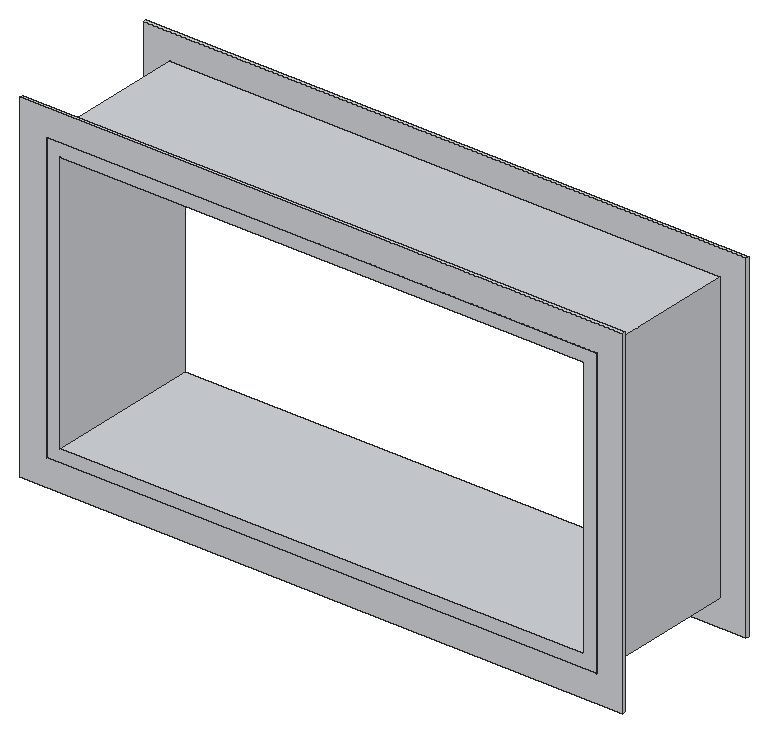
Revit family "Регулирующая заслонка S", category Оборудование, Revit 2022
Family settings
  Размер круглого соединителя = Использовать диаметр
  Тип детали = Нормальный
  На основе рабочей плоскости = Нет
  Всегда вертикально = Нет
  При загрузке вырезать с полостями = Нет
  Сохранять ориентацию аннотаций = Нет
  Общий = Нет
  Точка принадлежности помещению = Нет
Parameters (values of type "S 40-20")
  ширина = 400 mm
  толщина = 10 mm
  высота = 200 mm
  Отметка по умолчанию = 0 mm
  Изготовитель = "WAER"  # constant formula
  Keynote = ""
  URL = "https://waer-air.com/"
  ADSK_Система_Имя [instance] = ""
  ADSK_Расход воздуха = 0.0 m³/s
  ADSK_Размер_Ширина = ширина + толщина * 2  # 420 mm
  ADSK_Размер_Высота = высота + толщина * 2  # 220 mm
  ADSK_Потеря давления воздуха = 0.0 Pa
  ADSK_Наименование краткое = "S 40-20"
  ADSK_Наименование = "Регулирующая заслонка S 40-20"
  ADSK_Масса_Текст = "3.6"
  ADSK_Масса = 3.6
  ADSK_Марка = ""
  ADSK_Количество = 1  # constant formula
  ADSK_Код изделия = ""
  ADSK_Завод-изготовитель = "WAER"  # constant formula
  ADSK_Единица измерения = "шт."  # constant formula
Types (9, lengths in mm): name | ширина | высота | ADSK_Размер_Ширина | ADSK_Размер_Высота | ADSK_Наименование краткое | ADSK_Наименование | ADSK_Масса_Текст | ADSK_Масса
  S 40-20 | 400 | 200 | 420 | 220 | "S 40-20" | "Регулирующая заслонка S 40-20" | "3.6" | 3.6
  S 50-25 | 500 | 250 | 520 | 270 | "S 50-25" | "Регулирующая заслонка S 50-25" | "4.2" | 4.2
  S 50-30 | 500 | 300 | 520 | 320 | "S 50-30" | "Регулирующая заслонка S 50-30" | "5" | 5
  S 60-30 | 600 | 300 | 620 | 320 | "S 60-30" | "Регулирующая заслонка S 60-30" | "5.5" | 5.5
  S 60-35 | 600 | 350 | 620 | 370 | "S 60-35" | "Регулирующая заслонка S 60-35" | "5.6" | 5.6
  S 70-40 | 700 | 400 | 720 | 420 | "S 70-40" | "Регулирующая заслонка S 70-40" | "7.1" | 7.1
  S 80-50 | 800 | 500 | 820 | 520 | "S 80-50" | "Регулирующая заслонка S 80-50" | "9.1" | 9.1
  S 90-50 | 900 | 500 | 920 | 520 | "S 90-50" | "Регулирующая заслонка S 90-50" | "10" | 10
  S 100-50 | 1000 | 500 | 1020 | 520 | "S 100-50" | "Регулирующая заслонка S 100-50" | "10.6" | 10.6
Reference planes
  plane 1 "По центру (Вперед/Назад)": y = 0
  plane 2: z = 0
  plane 3 "По центру (Влево/Вправо)": x = 0
  plane 4: x = -210
  plane 5: x = 210
  plane 6: z = -110
  plane 7: z = 110
  plane 8: y = -60
  plane 9: y = 60
  plane 10: x = -300
Forms (mm)
  Extrusion 1, solid
    sketch origin (0, 0, 0) x (1, 0, 0) y (0, 0, 1)
      loop
        line (-210, 110) -> (-210, -110) -> (210, -110) -> (210, 110) -> (-210, 110)
      loop
        line (-200, 100) -> (-200, -100) -> (200, -100) -> (200, 100) -> (-200, 100)
    from -60 to 60
  Sweep 2, solid
    path in 3D
      loop
        line (-210, -60, 110) -> (-210, -60, -110) -> (210, -60, -110) -> (210, -60, 110) -> (-210, -60, 110)
    profile origin (0, -60, 110) x (0, -1, 0) y (0, 0, 1)
      loop
        line (0, 0) -> (0, 20) -> (-2, 20) -> (-2, 0) -> (0, 0)
  Sweep 3, solid
    path in 3D
      loop
        line (210, 60, 110) -> (210, 60, -110) -> (-210, 60, -110) -> (-210, 60, 110) -> (210, 60, 110)
    profile origin (0, 60, 110) x (0, 1, 0) y (0, 0, 1)
      loop
        line (0, 0) -> (0, 20) -> (-2, 20) -> (-2, 0) -> (0, 0)
  Extrusion 4, solid, detail levels coarse
    sketch origin (0, 0, 0) x (0, 1, 0) y (0, 0, 1)
      loop
        circle (0, 0) r 5
    from -300 to -210
Lines and regions (mm)
  sketch lines
    curve 1: line (210, -60, 110) -> (-210, -60, 110)
    curve 2: line (-210, -60, 110) -> (-210, -60, -110)
    curve 3: line (-210, -60, -110) -> (210, -60, -110)
    curve 4: line (210, -60, -110) -> (210, -60, 110)
    curve 5: line (-210, 60, 110) -> (210, 60, 110)
    curve 6: line (210, 60, 110) -> (210, 60, -110)
    curve 7: line (210, 60, -110) -> (-210, 60, -110)
    curve 8: line (-210, 60, -110) -> (-210, 60, 110)
Dimensions and locks
  equal spacing: plane 5, plane 3 "По центру (Влево/Вправо)", plane 4
  "ADSK_Размер_Ширина": plane 5 to plane 4
  equal spacing: plane 7, plane 2, plane 6
  "ADSK_Размер_Высота": plane 7 to plane 6
  equal spacing: plane 9, plane 1 "По центру (Вперед/Назад)", plane 8
  locked: plane 9 to plane 8 at 120
  locked: plane 4 to plane 10 at 90
  equal spacing: Extrusion 4 sketch curve, plane 2, Extrusion 4 sketch curve
  equal spacing: Extrusion 4 sketch curve, plane 1 "По центру (Вперед/Назад)", Extrusion 4 sketch curve
  equal spacing: Extrusion 1 sketch curve, plane 3 "По центру (Влево/Вправо)", Extrusion 1 sketch curve
  "ширина": Extrusion 1 sketch curve to Extrusion 1 sketch curve
  equal spacing: Extrusion 1 sketch curve, plane 2, Extrusion 1 sketch curve
  "высота": Extrusion 1 sketch curve to Extrusion 1 sketch curve
  aligned and locked: level to plane 2
  aligned and locked: Extrusion 1 sketch curve to plane 7
  aligned and locked: plane 4 to Extrusion 1 sketch curve
  aligned and locked: plane 6 to Extrusion 1 sketch curve
  aligned and locked: Extrusion 1 sketch curve to plane 5
  aligned and locked: plane 9 to Extrusion 1
  aligned and locked: Extrusion 1 to plane 8
  aligned and locked: Extrusion 4 to plane 10
  aligned and locked: plane 4 to Extrusion 4
Automatic sketch dimensions
  Sweep 2 sketch curve to profile plane = 0 mm  (x2)
  profile plane to Sweep 2 sketch curve = 2 mm
  profile plane to Sweep 2 sketch curve = 20 mm
  Sweep 3 sketch curve to profile plane = 0 mm  (x2)
  profile plane to Sweep 3 sketch curve = 2 mm
  profile plane to Sweep 3 sketch curve = 20 mm
  radius of Extrusion 4 sketch curve = 5 mm
Connectors
  hvac at (0, -60, 0), driven by "высота", driven by "ширина"
    settings: on Extrusion 1, index 1, duct flow 0.0 m³/s, flow factor 0, pres drop 0.0 Pa, loss coef 0, conn angle 0.00°, conn width 400 mm, conn height 200 mm, conn diameter 609.6 mm, duct sys type 29, conn prof type 1, flow config 2, flow direction 0, loss method 0, conn ref index 2, conn util no, is conn primary yes, conn desc ""
  hvac at (0, 60, 0), driven by "высота", driven by "ширина"
    settings: on Extrusion 1, index 2, duct flow 0.0 m³/s, flow factor 0, pres drop 0.0 Pa, loss coef 0, conn angle 0.00°, conn width 400 mm, conn height 200 mm, conn diameter 609.6 mm, duct sys type 29, conn prof type 1, flow config 2, flow direction 0, loss method 0, conn ref index 1, conn util no, is conn primary no, conn desc ""
